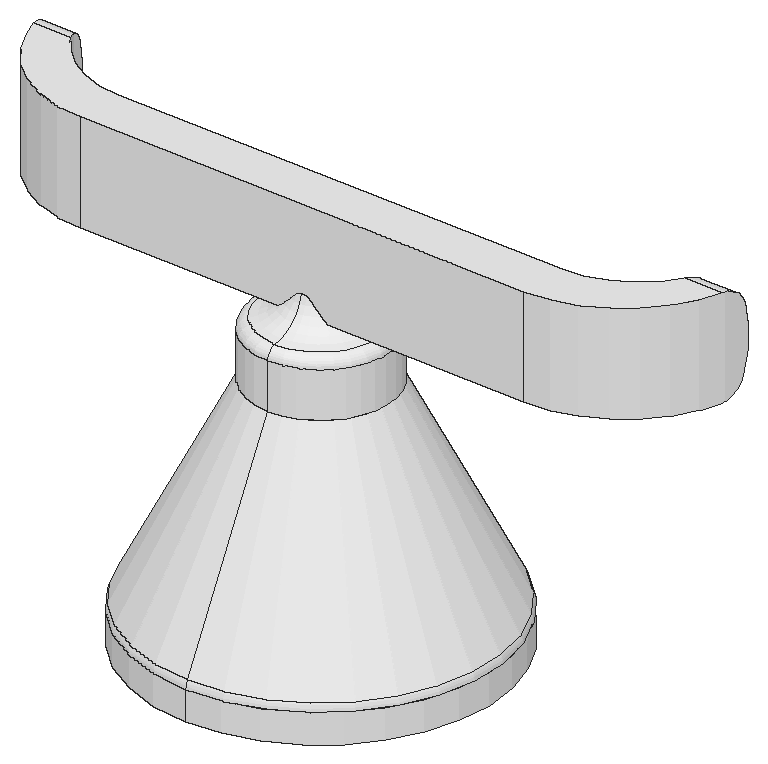
Revit family "Robe_Hook-American_Standard-Aspirations-7061210_Series", category Specialty Equipment, host Face, Revit 2019
Family settings
  Host = Face
  Round Connector Dimension = Use Diameter
  Part Type = Normal
  OmniClass Number = 23.40.20.21.31
  OmniClass Title = Robe Hooks
  Cut with Voids When Loaded = No
  Shared = Yes
  Room Calculation Point = No
Parameters (values of type "7061210.002")
  Width = 4 1/8"  # constant formula
  URL = "http://www.americanstandard-us.com"
  Type Comments = ""
  Product Page URL = "https://www.americanstandard-us.com/Robe-Hooks/Aspirations-Double-Robe-Hook/CHROME-7061210002"
  Product Documentation Link = "https://lixil.cdn.celum.cloud/169069_spec_7061210_Aspirations_accessories_double_robe_hook_original.pdf"
  Model = "7061210.002"
  Material = "Metal-American Standard-002-Polished Chrome"
  Manufacturer = "American Standard"
  Installation Type = "Wall Mounted"
  Finish = Metal-American Standard-002-Polished Chrome
  Diameter = 2"  # constant formula
  Description = "Aspirations™ Double Robe Hook"
  Depth = 2 3/8"  # constant formula
  Default Elevation = 40"
  Creation Date = "09/15/2023"  # constant formula
  Assembly Code = "C1030220"
Types (4): name | Product Page URL | Model | Material | Finish
  (no name) | "https://www.americanstandard-us.com/Robe-Hooks/Aspirations-Double-Robe-Hook/CHROME-7061210002" | "7061210.002" | "Metal-American Standard-002-Polished Chrome" | Metal-American Standard-002-Polished Chrome
  7061210.243 | "https://www.americanstandard-us.com/Robe-Hooks/Aspirations-Double-Robe-Hook/MATTE-BLACK-7061210243" | "7061210.243" | "Metal-American Standard-243-Matte Black" | Metal-American Standard-243-Matte Black
  7061210.002 | "https://www.americanstandard-us.com/Robe-Hooks/Aspirations-Double-Robe-Hook/CHROME-7061210002" | "7061210.002" | "Metal-American Standard-002-Polished Chrome" | Metal-American Standard-002-Polished Chrome
  7061210.295 | "https://www.americanstandard-us.com/Robe-Hooks/Aspirations-Double-Robe-Hook/CHROME-7061210002" | "7061210.295" | "Metal-American Standard-295-Brushed Nickel" | Metal-American Standard-295-Brushed Nickel
Reference planes (in)
  plane 1 "Center (Front/Back)": y = 0
  plane 2: z = 0
  plane 3 "Center (Left/Right)": x = 0
  plane 4: x = -1
  plane 5: x = 1
  plane 6: x = -2.0625
  plane 7: x = 2.0625
  plane 8: z = 2.375
  plane 9: y = -1
  plane 10: y = 1
Forms (in)
  Revolve 1, solid, material "Metal-American Standard-002-Polished Chrome" <- "Finish"
    sketch origin (0, 28.0435, 0) x (0, -1, 0) y (0, 0, -1)
      loop
        line (28.0435, 0) -> (27.0435, 0) -> (27.0435, -0.17333)
        arc (27.0435, -0.17333) -> (27.04619, -0.19604) -> (27.05411, -0.21749) r 0.09728
        line (27.05411, -0.21749) -> (27.64954, -1.3861) -> (27.64954, -1.65477)
        arc (27.64954, -1.65477) -> (27.66529, -1.6968) -> (27.70477, -1.71814) r 0.06397
        arc (27.70477, -1.71814) -> (27.83203, -1.7776) -> (27.90347, -1.89855) r 0.23761
        line (27.90347, -1.89855) -> (28.0435, -1.89855) -> (28.0435, 0)
      axis (28.0435, -1.89855) -> (28.0435, 0)
    angle from 0 to 360
  Extrusion 2, solid, material "Metal-American Standard-002-Polished Chrome" <- "Finish"
    sketch origin (0, 0, 0) x (1, 0, 0) y (0, 1, 0)
      loop
        line (-1.31793, -0.13826) -> (1.31793, -0.13826)
        arc (1.31793, -0.13826) -> (1.84978, 0.0845) -> (2.06413, 0.61979) r 0.7463
        line (2.06413, 0.61979) -> (1.89562, 0.61979)
        arc (1.89562, 0.61979) -> (1.69396, 0.27443) -> (1.31793, 0.13826) r 0.58729
        line (1.31793, 0.13826) -> (-1.31793, 0.13826)
        arc (-1.31793, 0.13826) -> (-1.69396, 0.27443) -> (-1.89562, 0.61979) r 0.58729
        line (-1.89562, 0.61979) -> (-2.06413, 0.61979)
        arc (-2.06413, 0.61979) -> (-1.84978, 0.0845) -> (-1.31793, -0.13826) r 0.7463
    from 1.78602 to 2.375
  Extrusion 3, void
    sketch origin (0, 4.16247, 0) x (0, -1, 0) y (0, 0, 1)
      loop
        arc (3.59911, 2.27166) -> (3.65301, 2.34642) -> (3.74061, 2.375) r 0.14855
        line (3.74061, 2.375) -> (3.83839, 2.375) -> (3.83839, 2.53335) -> (3.41654, 2.53335) -> (3.41654, 1.62767) -> (3.83839, 1.62767) -> (3.83839, 1.78602) -> (3.74667, 1.78602)
        arc (3.74667, 1.78602) -> (3.66168, 1.81276) -> (3.60731, 1.88335) r 0.14844
        arc (3.60731, 1.88335) -> (3.57084, 2.07683) -> (3.59911, 2.27166) r 0.59862
    from -2.39488 to 2.1848
Cuts and joins
  Extrusion 3 cuts Extrusion 2
Lines and regions (in)
  Masking region 1
    outline origin (0, 0, 0) x (1, 0, 0) y (0, 0, 1)
      loop
        line (1, 0) -> (1, 0.1723)
        arc (1, 0.1723) -> (0.99719, 0.19601) -> (0.98893, 0.21841) r 0.10156
        line (0.98893, 0.21841) -> (0.39396, 1.3861) -> (0.39396, 1.6531)
        arc (0.39396, 1.6531) -> (0.37765, 1.69662) -> (0.33676, 1.71871) r 0.06622
        arc (0.33676, 1.71871) -> (0.26519, 1.7412) -> (0.20502, 1.78602) r 0.22454
        line (0.20502, 1.78602) -> (2.03904, 1.78608)
        spline (2.03904, 1.78608) -> (2.04199, 1.78666) -> (2.04483, 1.78877) -> (2.04755, 1.79238) -> (2.05011, 1.79746) -> (2.0525, 1.80395) -> (2.05467, 1.8118) -> (2.05662, 1.82091) -> (2.05832, 1.83119) -> (2.05975, 1.84254) -> (2.0609, 1.85484) -> (2.06176, 1.86796) -> (2.06232, 1.88177)
        spline (2.06232, 1.88177) -> (2.06296, 1.91311) -> (2.0635, 1.945) -> (2.06393, 1.97733) -> (2.06425, 2.01) -> (2.06447, 2.04292) -> (2.06457, 2.07598) -> (2.06456, 2.10908) -> (2.06445, 2.14212) -> (2.06422, 2.175) -> (2.06388, 2.20762) -> (2.06344, 2.23988) -> (2.06289, 2.27167)
        spline (2.06289, 2.27167) -> (2.06341, 2.28631) -> (2.06346, 2.30029) -> (2.06304, 2.31346) -> (2.06216, 2.32566) -> (2.06083, 2.33676) -> (2.05905, 2.34663) -> (2.05686, 2.35516) -> (2.05428, 2.36226) -> (2.05132, 2.36785) -> (2.04804, 2.37186) -> (2.04446, 2.37424) -> (2.04063, 2.375)
        line (2.04063, 2.375) -> (-2.04063, 2.37498)
        spline (-2.04063, 2.37498) -> (-2.04446, 2.37424) -> (-2.04804, 2.37186) -> (-2.05132, 2.36785) -> (-2.05428, 2.36226) -> (-2.05686, 2.35516) -> (-2.05905, 2.34663) -> (-2.06083, 2.33676) -> (-2.06216, 2.32566) -> (-2.06304, 2.31346) -> (-2.06346, 2.30029) -> (-2.06341, 2.28631) -> (-2.06289, 2.27167)
        spline (-2.06289, 2.27167) -> (-2.06344, 2.23988) -> (-2.06388, 2.20762) -> (-2.06422, 2.175) -> (-2.06445, 2.14212) -> (-2.06456, 2.10908) -> (-2.06457, 2.07598) -> (-2.06447, 2.04292) -> (-2.06425, 2.01) -> (-2.06393, 1.97733) -> (-2.0635, 1.945) -> (-2.06296, 1.91311) -> (-2.06232, 1.88177)
        spline (-2.06232, 1.88177) -> (-2.06176, 1.86796) -> (-2.0609, 1.85484) -> (-2.05975, 1.84254) -> (-2.05832, 1.83119) -> (-2.05662, 1.82091) -> (-2.05467, 1.8118) -> (-2.0525, 1.80395) -> (-2.05011, 1.79746) -> (-2.04755, 1.79238) -> (-2.04483, 1.78877) -> (-2.04199, 1.78666) -> (-2.03905, 1.78602)
        line (-2.03905, 1.78602) -> (-0.20502, 1.78602)
        arc (-0.20502, 1.78602) -> (-0.26519, 1.7412) -> (-0.33676, 1.71871) r 0.22454
        arc (-0.33676, 1.71871) -> (-0.37765, 1.69662) -> (-0.39396, 1.6531) r 0.06622
        line (-0.39396, 1.6531) -> (-0.39396, 1.3861) -> (-0.98899, 0.21829)
        arc (-0.98899, 0.21829) -> (-0.99721, 0.19601) -> (-1, 0.17243) r 0.10101
        line (-1, 0.17243) -> (-1, 0) -> (1, 0)
  symbolic lines, detail levels medium+fine
    curve 1: line (0.20502, 0, 1.78602) -> (-0.20502, 0, 1.78602)
    curve 4: spline (-1.88016, 0, 1.88515) -> (-1.88333, 0, 1.91686) -> (-1.88595, 0, 1.94915) -> (-1.88803, 0, 1.98191) -> (-1.88956, 0, 2.01502) -> (-1.89052, 0, 2.04839) -> (-1.89093, 0, 2.08189) -> (-1.89077, 0, 2.11542) -> (-1.89005, 0, 2.14887) -> (-1.88877, 0, 2.18211) -> (-1.88693, 0, 2.21504) -> (-1.88454, 0, 2.24756) -> (-1.88161, 0, 2.27954)
    curve 5: spline (-1.88161, 0, 2.27954) -> (-1.87935, 0, 2.29384) -> (-1.87644, 0, 2.30736) -> (-1.8729, 0, 2.31996) -> (-1.86877, 0, 2.33152) -> (-1.86408, 0, 2.34191) -> (-1.8589, 0, 2.35102) -> (-1.85327, 0, 2.35876) -> (-1.84725, 0, 2.36505) -> (-1.8409, 0, 2.36982) -> (-1.8343, 0, 2.37303) -> (-1.82751, 0, 2.37463) -> (-1.8206, 0, 2.37461)
    curve 6: spline (-1.81685, 0, 1.78632) -> (-1.82539, 0, 1.78651) -> (-1.83358, 0, 1.78835) -> (-1.84134, 0, 1.79182) -> (-1.84859, 0, 1.79689) -> (-1.85524, 0, 1.80351) -> (-1.86123, 0, 1.8116) -> (-1.86649, 0, 1.82107) -> (-1.87097, 0, 1.83183) -> (-1.87461, 0, 1.84375) -> (-1.87737, 0, 1.8567) -> (-1.87923, 0, 1.87055) -> (-1.88016, 0, 1.88515)
    curve 7: spline (1.88253, 0, 2.27007) -> (1.88514, 0, 2.2381) -> (1.88725, 0, 2.20564) -> (1.88883, 0, 2.17279) -> (1.88989, 0, 2.13967) -> (1.89042, 0, 2.10638) -> (1.89041, 0, 2.07304) -> (1.88988, 0, 2.03975) -> (1.88882, 0, 2.00663) -> (1.88723, 0, 1.97378) -> (1.88513, 0, 1.94131) -> (1.88251, 0, 1.90933) -> (1.87939, 0, 1.87795)
    curve 8: spline (1.82056, 0, 2.3747) -> (1.82916, 0, 2.37448) -> (1.8374, 0, 2.37249) -> (1.84519, 0, 2.36876) -> (1.85243, 0, 2.36333) -> (1.85905, 0, 2.35628) -> (1.86497, 0, 2.34766) -> (1.87011, 0, 2.3376) -> (1.87443, 0, 2.3262) -> (1.87786, 0, 2.31359) -> (1.88037, 0, 2.29993) -> (1.88193, 0, 2.28537) -> (1.88253, 0, 2.27007)
    curve 9: spline (1.87939, 0, 1.87795) -> (1.877, 0, 1.86409) -> (1.87395, 0, 1.85101) -> (1.87028, 0, 1.83884) -> (1.86602, 0, 1.8277) -> (1.86122, 0, 1.8177) -> (1.85592, 0, 1.80895) -> (1.85017, 0, 1.80152) -> (1.84404, 0, 1.79549) -> (1.83757, 0, 1.79093) -> (1.83085, 0, 1.78788) -> (1.82393, 0, 1.78636) -> (1.81688, 0, 1.7864)
  symbolic lines, detail levels fine
    curve 2: line (0.39396, 0, 1.6531) -> (-0.39396, 0, 1.6531)
    curve 3: line (-0.33676, 0, 1.71871) -> (0.33676, 0, 1.71871)
    curve 10: line (0.98893, 0, 0.21841) -> (-0.98893, 0, 0.21841)
    curve 11: line (1, 0, 0.1723) -> (-1, 0, 0.1723)
Dimensions and locks (in)
  equal spacing: plane 4, plane 3 "Center (Left/Right)", plane 5
  "Diameter": plane 4 to plane 5
  equal spacing: plane 6, plane 3 "Center (Left/Right)", plane 7
  "Width": plane 6 to plane 7
  "Depth": plane 8 to plane 2
  aligned and locked: plane 2 to host face
  aligned and locked: level to host face
  aligned and locked: plane 1 "Center (Front/Back)" to Revolve 1 sketch curve
  aligned and locked: plane 8 to Extrusion 2
Automatic sketch dimensions
  host sketch curve to host sketch curve = 96"  (x2)
  Extrusion 2 sketch curve to plane 6 = 0.00163"
  Extrusion 2 sketch curve to plane 7 = 0.00163"
  Extrusion 2 sketch curve to Extrusion 2 sketch curve = 0.16851"  (x2)
  Extrusion 2 sketch curve to plane 4 = 0.31793"
  Extrusion 2 sketch curve to Extrusion 2 sketch curve = 0"  (x4)
  Extrusion 2 sketch curve to plane 5 = 0.31793"
  plane 1 "Center (Front/Back)" to Extrusion 2 sketch curve = 0.13826"
  Extrusion 2 sketch curve to plane 1 "Center (Front/Back)" = 0.13826"
  Extrusion 2 sketch curve to plane 1 "Center (Front/Back)" = 0.61979"
  plane 10 to Extrusion 2 sketch curve = 0.38021"
  Extrusion 3 sketch curve to Extrusion 3 sketch curve = 0.32407"
  Extrusion 3 sketch curve to Extrusion 3 sketch curve = 0.33013"
  Extrusion 3 sketch curve to Extrusion 3 sketch curve = 0.09172"
  Extrusion 3 sketch curve to Extrusion 3 sketch curve = 0.09777"
  Extrusion 3 sketch curve to Extrusion 3 sketch curve = 0.33094"
  Extrusion 3 sketch curve to Extrusion 3 sketch curve = 0.15835"  (x2)
  Extrusion 3 sketch curve to Extrusion 3 sketch curve = 19/128"
  Extrusion 3 sketch curve to Extrusion 3 sketch curve = 0.30344"
  Extrusion 3 sketch curve to Extrusion 3 sketch curve = 0.29199"
  Extrusion 3 sketch curve to Extrusion 3 sketch curve = 0.14855"
  Extrusion 3 sketch curve to Extrusion 3 sketch curve = 0"
  Extrusion 3 sketch curve to plane 8 = 0"
  plane 10 to Extrusion 3 sketch curve = 0.25407"
  Revolve 1 sketch curve to level = 0"
  Revolve 1 sketch curve to plane 10 = 0"
  Revolve 1 sketch curve to plane 1 "Center (Front/Back)" = 0"
  plane 10 to Revolve 1 sketch curve = 0.0106"
  Revolve 1 sketch curve to Revolve 1 sketch curve = 0.09728"
  Revolve 1 sketch curve to plane 1 "Center (Front/Back)" = 0.39396"
  Revolve 1 sketch curve to Revolve 1 sketch curve = 0.02277"
  Revolve 1 sketch curve to Revolve 1 sketch curve = 0.06397"
  Revolve 1 sketch curve to plane 1 "Center (Front/Back)" = 0.14003"
  level to Revolve 1 sketch curve = 0.17333"
  Revolve 1 sketch curve to plane 8 = 0.9889"
  Revolve 1 sketch curve to Revolve 1 sketch curve = 0.26867"
  Revolve 1 sketch curve to Revolve 1 sketch curve = 0.24378"
  Revolve 1 sketch curve to Revolve 1 sketch curve = 0.05496"
  plane 8 to Revolve 1 sketch curve = 15"
  Revolve 1 sketch curve to Revolve 1 sketch curve = 8 5/8"
  Masking region 1 sketch curve to plane 8 = 0"  (x3)
  Masking region 1 sketch curve to plane 4 = 0"
  Masking region 1 sketch curve to level = 0"
  plane 5 to Masking region 1 sketch curve = 0"
  plane 4 to Masking region 1 sketch curve = 0.01101"
  Masking region 1 sketch curve to Masking region 1 sketch curve = 0.09"
  Masking region 1 sketch curve to plane 3 "Center (Left/Right)" = 0.39396"
  Masking region 1 sketch curve to Masking region 1 sketch curve = 0.02661"
  Masking region 1 sketch curve to Masking region 1 sketch curve = 0.06622"  (x2)
  Masking region 1 sketch curve to Masking region 1 sketch curve = 0.12272"  (x2)
  plane 3 "Center (Left/Right)" to Masking region 1 sketch curve = 0.20502"
  level to Masking region 1 sketch curve = 0.1723"
  plane 3 "Center (Left/Right)" to Masking region 1 sketch curve = 115/128"
  Masking region 1 sketch curve to Masking region 1 sketch curve = 0.16234"
  plane 5 to Masking region 1 sketch curve = 0.01107"
  Masking region 1 sketch curve to Masking region 1 sketch curve = 0.17243"
  Masking region 1 sketch curve to plane 8 = 0.9889"
  Masking region 1 sketch curve to Masking region 1 sketch curve = 0"  (x5)
  Masking region 1 sketch curve to Masking region 1 sketch curve = 0.267"  (x2)
  Masking region 1 sketch curve to Masking region 1 sketch curve = 0.13292"  (x2)
  Masking region 1 sketch curve to Masking region 1 sketch curve = 0.15513"  (x2)
  plane 6 to Masking region 1 sketch curve = 0.04063"
  plane 6 to Masking region 1 sketch curve = 0.03392"
  plane 6 to Masking region 1 sketch curve = 0.03386"
  plane 6 to Masking region 1 sketch curve = 0.02996"
  plane 6 to Masking region 1 sketch curve = 3/128"
  Masking region 1 sketch curve to Masking region 1 sketch curve = 0.00064"  (x2)
  plane 6 to Masking region 1 sketch curve = 0.02187"
  Masking region 1 sketch curve to plane 8 = 0.0001"  (x2)
  Masking region 1 sketch curve to Masking region 1 sketch curve = 0.00146"  (x2)
  plane 6 to Masking region 1 sketch curve = 0.00018"
  Masking region 1 sketch curve to plane 6 = 0.00039"
  plane 7 to Masking region 1 sketch curve = 0.04063"
  plane 7 to Masking region 1 sketch curve = 0.03392"
  plane 7 to Masking region 1 sketch curve = 0.03386"
  plane 7 to Masking region 1 sketch curve = 0.02996"
  plane 7 to Masking region 1 sketch curve = 3/128"
  plane 7 to Masking region 1 sketch curve = 0.02187"
  plane 7 to Masking region 1 sketch curve = 0.00018"
  Masking region 1 sketch curve to plane 7 = 0.00039"
  Masking region 1 sketch curve to Masking region 1 sketch curve = 0.00005"  (x2)
  Masking region 1 sketch curve to Masking region 1 sketch curve = 0.00006"  (x2)
  plane 5 to curve 11 = 0"
  level to curve 11 = 0.1723"
  plane 5 to curve 10 = 0.01107"
  plane 3 "Center (Left/Right)" to curve 2 = 0.39396"
  curve 3 to curve 2 = 0.0572"
  curve 1 to curve 3 = 0.13175"
  curve 1 to plane 3 "Center (Left/Right)" = 0.20502"
  curve 3 to curve 1 = 0.13175"
  curve 2 to curve 3 = 0.0572"
  plane 4 to curve 10 = 0.01107"
  plane 4 to curve 11 = 0"
  plane 6 to curve 4 = 0.34"
  plane 6 to curve 4 = 0.3399"
  curve 6 to curve 4 = 0.07127"
  curve 5 to curve 4 = 0.09358"
  curve 6 to curve 6 = 0.02308"
  curve 5 to plane 8 = 0.00039"
  curve 5 to curve 5 = 0.00452"
  curve 5 to plane 8 = 0.00024"
  curve 5 to curve 5 = 0.0054"
  curve 6 to curve 6 = 0.01322"
  curve 6 to curve 6 = 0.08639"
  curve 5 to curve 5 = 0.06553"
  plane 7 to curve 7 = 0.33232"
  plane 8 to curve 7 = 0.29403"
  curve 7 to curve 7 = 0.00009"
  curve 7 to curve 8 = 0.06818"
  curve 7 to curve 9 = 0.08103"
  curve 9 to curve 9 = 0.00568"
  curve 8 to plane 8 = 0.0003"
  curve 8 to curve 8 = 0.0222"
  curve 9 to curve 9 = 0.0061"
  curve 8 to plane 8 = 0.00118"
  curve 8 to curve 8 = 0.01225"
  curve 9 to curve 7 = 0.06818"
  curve 8 to curve 7 = 0.08417"
  curve 11 to curve 10 = 0.04611"
  curve 4 to curve 5 = 0.70976"
  curve 2 to plane 8 = 0.7219"
  curve 2 to curve 3 = 0.0656"
  curve 3 to curve 1 = 0.06732"
  curve 9 to curve 7 = 0.09168"
  curve 6 to curve 6 = 0.09883"
